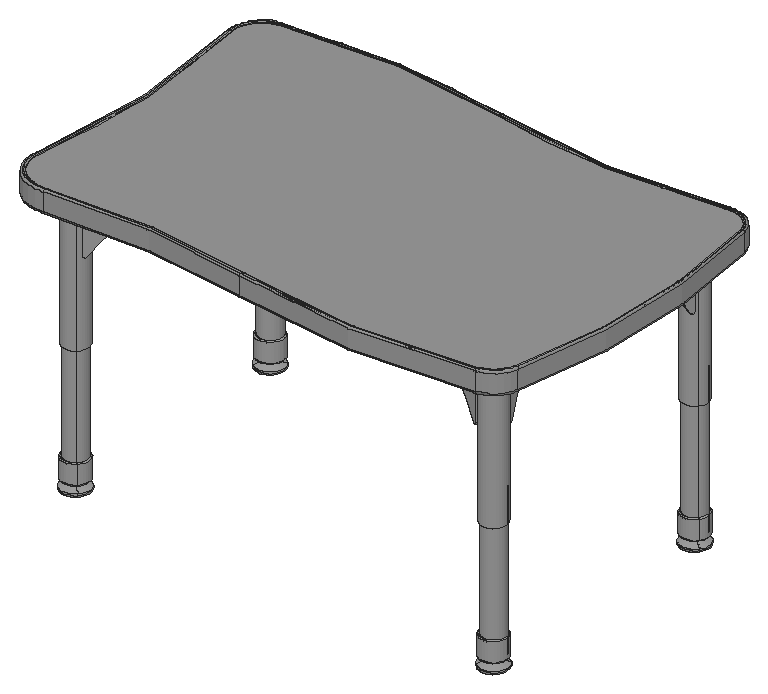
Revit family "Porcelain Steel Creator Rectangle Desk - Youth Height", category Furniture, Revit 2018
Family settings
  Work Plane-Based = No
  Always vertical = Yes
  Cut with Voids When Loaded = No
  Shared = No
  Room Calculation Point = No
Parameters
  Desk Height = 1' - 4"
  Leg Finish = Hierarchy Leg Platinum
  Caster/Glide = Hierarchy Youth Leg - Glide : Hierarchy Youth Leg - Glide
Reference planes (in)
  plane 1 "Center (Front/Back)": y = 0
  plane 2: z = 0
  plane 3 "Center (Left/Right)": x = 0
  plane 4: z = 16
Dimensions and locks (in)
  "Desk Height": plane 4 to level
  aligned and locked: plane 2 to level
  aligned and locked: plane 4 to nested 1
Nested families (in)
  nested 1: "Porcelain Creator Rectangle Desk Tabletop" at (0, 0, 2.70205), type "Porcelain Creator Rectangle Desk Tabletop"
  nested 2: "Hierarchy Youth Leg - Glide" at (-12.46997, 8.01382, 0) x (0.7071, 0.7071, 0) z (0, 0, 1), type <- "Caster/Glide", Leg Finish <- "Leg Finish", Leg Height <- "Desk Height", type "Hierarchy Youth Leg - Glide"
    with Leg Height 1' - 4", Leg Finish Hierarchy Leg Platinum
  nested 3: "Hierarchy Youth Leg - Glide" at (-12.30961, -6.90175, 0) x (-0.7076, 0.7066, 0) z (0, 0, 1), type <- "Caster/Glide", Leg Finish <- "Leg Finish", Leg Height <- "Desk Height", type "Hierarchy Youth Leg - Glide"
    with Leg Height 1' - 4", Leg Finish Hierarchy Leg Platinum
  nested 4: "Hierarchy Youth Leg - Glide" at (13.78827, -7.92976, 0) x (-0.7242, -0.6896, 0) z (0, 0, 1), Leg Finish <- "Leg Finish", Leg Height <- "Desk Height", type "Hierarchy Youth Leg - Glide"
    with Leg Height 1' - 4", Leg Finish Hierarchy Leg Platinum
  nested 5: "Hierarchy Youth Leg - Glide" at (13.85397, 7.21279, 0) x (0.8121, -0.5836, 0) z (0, 0, 1), Leg Finish <- "Leg Finish", Leg Height <- "Desk Height", type "Hierarchy Youth Leg - Glide"
    with Leg Height 1' - 4", Leg Finish Hierarchy Leg Platinum
Definition of nested family "Porcelain Creator Rectangle Desk Tabletop"
  Parameters (values of type "Porcelain Creator Rectangle Desk Tabletop")
    Surface = none
    Edgeband = none
  Reference planes (in)
    plane 1 "Center (Front/Back)": y = 0
    plane 2: z = 0
    plane 3 "Center (Left/Right)": x = 0
  Forms (in)
    Extrusion 1, solid
      sketch origin (39.28513, -9.17802, 0) x (1, 0, 0) y (0, 1, 0)
        loop
          arc (-39.26399, 18.96346) -> (-46.05969, 19.73649) -> (-52.88567, 19.3061) r 38.85945
          arc (-52.88567, 19.3061) -> (-54.02285, 18.59597) -> (-54.28701, 17.28155) r 1.69291
          arc (-54.28701, 17.28155) -> (-53.44497, 9.9208) -> (-54.00674, 2.53336) r 39.09331
          arc (-54.00674, 2.53336) -> (-53.42548, 0.60971) -> (-51.53698, -0.07724) r 2.24409
          arc (-51.53698, -0.07724) -> (-45.35606, 0.14649) -> (-39.21721, -0.60741) r 39.09331
          arc (-39.21721, -0.60741) -> (-32.03838, -1.38819) -> (-24.83904, -0.82723) r 38.85945
          arc (-24.83904, -0.82723) -> (-23.96336, -0.38874) -> (-23.47703, 0.4613) r 1.69291
          arc (-23.47703, 0.4613) -> (-22.48778, 8.89749) -> (-23.35512, 17.34709) r 38.85945
          arc (-23.35512, 17.34709) -> (-24.05391, 18.38814) -> (-25.27727, 18.66292) r 1.69291
          arc (-25.27727, 18.66292) -> (-32.28418, 18.18244) -> (-39.26399, 18.96346) r 39.09331
      from 13.30541 to 14.53375
    Sweep 2, solid
      path origin (39.28513, -9.17802, 0) x (1, 0, 0) y (0, 1, 0)
        loop
          arc (-39.26399, 18.96346) -> (-46.05969, 19.73649) -> (-52.88567, 19.3061) r 38.85945
          arc (-52.88567, 19.3061) -> (-54.02285, 18.59597) -> (-54.28701, 17.28155) r 1.69291
          arc (-54.28701, 17.28155) -> (-53.44497, 9.9208) -> (-54.00674, 2.53336) r 39.09331
          arc (-54.00674, 2.53336) -> (-53.42548, 0.60971) -> (-51.53698, -0.07724) r 2.24409
          arc (-51.53698, -0.07724) -> (-45.35606, 0.14649) -> (-39.21721, -0.60741) r 39.09331
          arc (-39.21721, -0.60741) -> (-32.03838, -1.38819) -> (-24.83904, -0.82723) r 38.85945
          arc (-24.83904, -0.82723) -> (-23.96336, -0.38874) -> (-23.47703, 0.4613) r 1.69291
          arc (-23.47703, 0.4613) -> (-22.48778, 8.89749) -> (-23.35512, 17.34709) r 38.85945
          arc (-23.35512, 17.34709) -> (-24.05391, 18.38814) -> (-25.27727, 18.66292) r 1.69291
          arc (-25.27727, 18.66292) -> (-32.28418, 18.18244) -> (-39.26399, 18.96346) r 39.09331
      profile origin (-6.77456, 10.55846, 0) x (-0.025146, -0.999684, 0) y (0, 0, 1)
        loop
          line (0, 13.34147) -> (0, 14.50949) -> (0.10571, 14.50949) -> (0.10571, 14.54167)
          arc (0.10571, 14.54167) -> (0.07218, 14.56143) -> (0.03507, 14.57312) r 0.1716
          line (0.03507, 14.57312) -> (-0.03244, 14.57312)
          arc (-0.03244, 14.57312) -> (-0.10136, 14.54458) -> (-0.12991, 14.47566) r 0.09746
          line (-0.12991, 14.47566) -> (-0.12991, 13.3753)
          arc (-0.12991, 13.3753) -> (-0.10137, 13.30639) -> (-0.03246, 13.27785) r 0.09745
          line (-0.03246, 13.27785) -> (0.02521, 13.27783)
          arc (0.02521, 13.27783) -> (0.04767, 13.28412) -> (0.06645, 13.29795) r 0.06478
          line (0.06645, 13.29795) -> (0.06645, 13.34147) -> (0, 13.34147)
  Dimensions and locks (in)
    aligned and locked: plane 2 to level
Definition of nested family "Hierarchy Youth Leg - Glide"
  Parameters (values of type "Hierarchy Youth Leg - Glide")
    Leg Finish [instance] = none
    Leg Height [instance] = 1' - 4.80117"
  Reference planes (in)
    plane 1 "Center (Front/Back)": y = 0
    plane 2: z = 0
    plane 3 "Center (Left/Right)": x = 0
  Forms (in)
    Extrusion 1, solid
      sketch origin (-0.01562, 0, 0) x (1, 0, 0) y (0, 1, 0)
        loop
          circle (0.01563, 0) r 0.67016
      from 0.67618 to 10.55018
    Revolve 2, solid
      sketch origin (0, 0, 0) x (1, 0, 0) y (0, 0, 1)
        loop
          line (-0.73189, 1.80118) -> (-0.79439, 1.73867) -> (-0.79439, 0.61381) -> (-0.73176, 0.55118) -> (-0.125, 0.55118) -> (-0.125, 0.42618) -> (-0.84656, 0.16241) -> (-0.84656, 0.08994) -> (-0.81359, 0) -> (0, 0) -> (0, 1.80118) -> (-0.73189, 1.80118)
        axis (0, 1.80118) -> (0, 0)
      angle from 0 to 360
  Dimensions and locks (in)
    "Leg Height": nested 1 to level  (x2)
    aligned and locked: plane 2 to level
  Automatic sketch dimensions
    plane 1 "Center (Front/Back)" to Extrusion 1 sketch curve = 0' - 0"
    Extrusion 1 sketch curve to plane 3 "Center (Left/Right)" = 0' - 0"
    Revolve 2 sketch curve to level = 0' - 0"
    Revolve 2 sketch curve to plane 3 "Center (Left/Right)" = 0' - 0"  (x2)
    Revolve 2 sketch curve to plane 3 "Center (Left/Right)" = 0' - 0 1/8"
    Revolve 2 sketch curve to Revolve 2 sketch curve = 0' - 0.60676"
    Revolve 2 sketch curve to Revolve 2 sketch curve = 0' - 0.73189"
    Revolve 2 sketch curve to Revolve 2 sketch curve = 0' - 0.06263"  (x2)
    Revolve 2 sketch curve to Revolve 2 sketch curve = 0' - 0.08183"
    Revolve 2 sketch curve to Revolve 2 sketch curve = 0' - 0.03297"
    level to Revolve 2 sketch curve = 0' - 0.08994"
    Revolve 2 sketch curve to Revolve 2 sketch curve = 0' - 0.07247"
    level to Revolve 2 sketch curve = 0' - 0.42618"
    Revolve 2 sketch curve to Revolve 2 sketch curve = 0' - 0 1/8"
    Revolve 2 sketch curve to Revolve 2 sketch curve = 0' - 1.12486"
    Revolve 2 sketch curve to Revolve 2 sketch curve = 0' - 0 1/16"
    Revolve 2 sketch curve to level = 2' - 0"
    Revolve 2 sketch curve to Revolve 2 sketch curve = 8' - 4.91764"
    radius of Extrusion 1 sketch curve = 0' - 0.67016"
  Nested families (in)
    nested 1: "Hierarchy Youth Upper Leg 2023" at (0, 0, 0), Leg Finish <- "Leg Finish", type "Hierarchy Youth Upper Leg 2023"
      with Leg Finish none
  Definition of nested family "Hierarchy Youth Upper Leg 2023"
    Parameters (values of type "Hierarchy Youth Upper Leg 2023")
      Leg Finish [instance] = none
    Reference planes (in)
      plane 1 "Center (Front/Back)": y = 0
      plane 2: z = 0
      plane 3 "Center (Left/Right)": x = 0
    Forms (in)
      Extrusion 1, solid, material <- "Leg Finish"
        sketch origin (0, 0, -11.001) x (1, 0, 0) y (0, 1, 0)
          loop
            circle (0, 0) r 0.75
        from 19.67618 to 27.67618
      Extrusion 2, solid, material <- "Leg Finish"
        sketch origin (0, 0, -11.001) x (1, 0, 0) y (0, 1, 0)
          loop
            line (-1.70174, 0.19183) -> (-2.88626, -2.26116)
            arc (-2.88626, -2.26116) -> (-2.83993, -3.09822) -> (-2.1063, -3.50394) r 0.86614
            line (-2.1063, -3.50394) -> (2.1063, -3.50394)
            arc (2.1063, -3.50394) -> (2.83993, -3.09822) -> (2.88626, -2.26116) r 0.86614
            line (2.88626, -2.26116) -> (1.70174, 0.19183)
            arc (1.70174, 0.19183) -> (0, 1.25984) -> (-1.70174, 0.19183) r 1.88976
        from 27.67618 to 27.80217
      Extrusion 3, solid, material <- "Leg Finish"
        sketch origin (-1.48519, 8.66524, -11.001) x (-0.434844, 0.900506, 0) y (0, 0, 1)
          loop
            line (-9.01425, 27.67618) -> (-11.80952, 27.67618)
            arc (-11.80952, 27.67618) -> (-11.92325, 27.58993) -> (-11.87088, 27.45715) r 0.11811
            arc (-11.87088, 27.45715) -> (-10.39364, 26.29679) -> (-9.23328, 24.81955) r 7.87402
            arc (-9.23328, 24.81955) -> (-9.1005, 24.76717) -> (-9.01425, 24.88091) r 0.11811
            line (-9.01425, 24.88091) -> (-9.01425, 27.67618)
        from -1.94075 to -1.81476
      Extrusion 4, solid, material <- "Leg Finish"
        sketch origin (1.48519, 8.66524, -11.001) x (0.434844, 0.900506, 0) y (0, 0, -1)
          loop
            line (-9.01425, -27.67618) -> (-9.01425, -24.88091)
            arc (-9.01425, -24.88091) -> (-9.1005, -24.76717) -> (-9.23328, -24.81955) r 0.11811
            arc (-9.23328, -24.81955) -> (-10.39364, -26.29679) -> (-11.87088, -27.45715) r 7.87402
            arc (-11.87088, -27.45715) -> (-11.92325, -27.58993) -> (-11.80952, -27.67618) r 0.11811
            line (-11.80952, -27.67618) -> (-9.01425, -27.67618)
        from -1.94075 to -1.81476
    Dimensions and locks (in)
      aligned and locked: plane 2 to level
